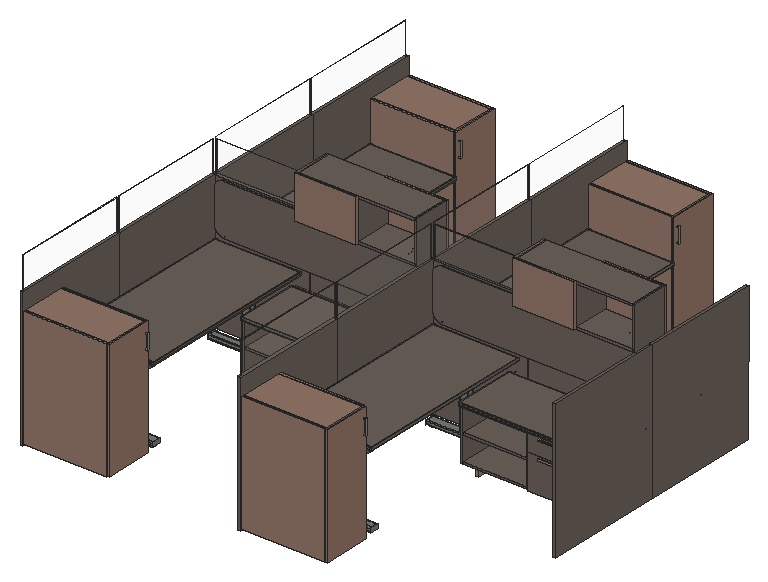
Revit family "T200208", category Furniture, Revit 2018
Family settings
  OmniClass Number = 23.40.20.00
  OmniClass Title = General Furniture and Specialties
  Work Plane-Based = No
  Always vertical = Yes
  Cut with Voids When Loaded = No
  Shared = No
  Room Calculation Point = No
Reference planes (in)
  plane 1 "Center Front/Back": y = 0
  plane 2: z = 0
  plane 3 "Center Left/Right": x = 0
Dimensions and locks (in)
  aligned and locked: level to plane 2
Nested families (in)
  nested 1: "STAKS SPINE OR DIVIDER WALL 48in" at (-88.55498, 23.83365, 0), type "STAKS SPINE OR DIVIDER WALL 48in X 33in"
    with Height Above Floor 4' - 0"
  nested 2: "STAKS SPINE OR DIVIDER WALL 48in" at (-55.55498, 23.83365, 0), type "STAKS SPINE OR DIVIDER WALL 48in X 42in"
    with Height Above Floor 4' - 0"
  nested 3: "STAKS SPINE OR DIVIDER WALL 48in" at (-79.16635, 29.05498, 0) x (0, -1, 0) z (0, 0, 1), type "STAKS SPINE OR DIVIDER WALL 48in X 42in"
    with Height Above Floor 4' - 0"
  nested 4: "STAKS SLIDE OUT STORAGE TOWER Full Door" at (-60.99965, -83.47711, 0) x (0, 1, 0) z (0, 0, 1), type "STAKS SLIDE OUT STORAGE TOWER 42H Left - 2 Stationary Shelf"
  nested 5: "STAKS RECTANGULAR WORKSURFACES Worksurface Height" at (-81.83365, -51.81304, 0) x (0, 1, 0) z (0, 0, 1), type "STAKS RECTANGULAR WORKSURFACE 66 x 30"
    with Height Above Floor 2' - 5", Width 5' - 4"
  nested 6: "STAKS SPINE OR DIVIDER WALL 48in" at (-79.16635, -70.05498, 0) x (0, 1, 0) z (0, 0, 1), type "STAKS SPINE OR DIVIDER WALL 48in X 42in"
    with Height Above Floor 4' - 0"
  nested 7: "STAKS 15H SHARED ORGANIZER One Opening Per Side" at (-54.05498, 30.08365, 0.5), type "STAKS 15H SHARED ORGANIZER 42in W"
    with Height Above Floor 5' - 2 1/2"
  nested 8: "STAKS BENCHING PRESS FIT BRACKET" at (-43.19511, 5.00062, 20.5) x (0, -1, 0) z (0, 0, 1), type "STAKS BENCHING PRESS FIT BRACKET"
  nested 9: "STAKS BENCHING PRESS FIT BRACKET" at (-10.80489, 5.00062, 20.5) x (0, -1, 0) z (0, 0, 1), type "STAKS BENCHING PRESS FIT BRACKET"
  nested 10: "STAKS CENTER ELECTRIC ADJUSTABLE HEIGHT BASE Rectangular" at (-67.79296, -23.83169, 0) x (0, 1, 0) z (0, 0, 1), type "STAKS CENTER ELECTRIC ADJUSTABLE HEIGHT BASE 30in Rectangular"
    with Height 2' - 3 7/8"
  nested 11: "STAKS CENTER ELECTRIC ADJUSTABLE HEIGHT BASE Rectangular" at (-67.79296, -0.68444, 0) x (0, -1, 0) z (0, 0, 1), type "STAKS CENTER ELECTRIC ADJUSTABLE HEIGHT BASE 30in Rectangular"
    with Height 2' - 3 7/8"
  nested 12: "STAKS CORNER SHELF FOR WALL PANEL" at (-76.40269, 16.40345, -6) x (0.7071, 0.7071, 0) z (0, 0, 1), type "STAKS CORNER SHELF FOR WALL PANEL"
    with Height Above Floor 2' - 5"
  nested 13: "STAKS CORNER SHELF FOR WALL PANEL" at (-76.40269, -40.90395, -6) x (0.7071, -0.7071, 0) z (0, 0, 1), type "STAKS CORNER SHELF FOR WALL PANEL"
    with Height Above Floor 2' - 5"
  nested 14: "STAKS FABRIC TACKBOARD WITH ROUNDED CORNERS FOR SPINE OR DIVIDER WALL" at (-88.55498, 22.83365, 0), type "STAKS FABRIC TACKBOARD WITH ROUNDED CORNERS FOR SPINE OR DIVIDER WALL 18H x 74-96W"
    with Height Above Floor 3' - 11 1/2", Width 6' - 3"
  nested 15: "STAKS FROSTED ACRYLIC PRIVACY PANEL" at (-48.06104, 18.74022, 0), type "STAKS FROSTED ACRYLIC PRIVACY PANEL 32 x 13"
  nested 16: "STAKS FROSTED ACRYLIC PRIVACY PANEL" at (-84.25035, -16.125, 0) x (0, -1, 0) z (0, 0, 1), type "STAKS FROSTED ACRYLIC PRIVACY PANEL 41 x 13"
  nested 17: "STAKS FROSTED ACRYLIC PRIVACY PANEL" at (-84.25035, -24.875, 0) x (0, 1, 0) z (0, 0, 1), type "STAKS FROSTED ACRYLIC PRIVACY PANEL 41 x 13"
  nested 18: "STAKS RECTANGULAR WORKSURFACES Short Grain" at (-61.55498, 22.33365, -6), type "STAKS RECTANGULAR WORKSURFACE 22 x 48"
    with Height Above Floor 2' - 5"
  nested 19: "STAKS I-BEAM SUPPORTS" at (-51.10211, -3.00035, 0), type "STAKS I-BEAM SUPPORT 40"
  nested 20: "STAKS LOW HEIGHT OPEN SHELF PEDESTAL - WITH RISER SUPPORT" at (-62.97182, -2.11916, 0), type "STAKS LOW HEIGHT OPEN SHELF PEDESTAL - WITH RISER SUPPORT 24 x 19"
  nested 21: "STAKS LOW HEIGHT PEDESTAL WIDE - BOX-FILE - WITH RISER SUPPORT" at (-38.97174, -2.11916, 0), type "STAKS LOW HEIGHT PEDESTAL WIDE - BOX-FILE - WITH RISER SUPPORT 24in W x 19in D"
  nested 22: "STAKS SPINE OR DIVIDER WALL 48in" at (-79.16635, 13.94502, 0) x (0, 1, 0) z (0, 0, 1), type "STAKS SPINE OR DIVIDER WALL 48in X 42in"
    with Height Above Floor 4' - 0"
  nested 23: "STAKS SLIDE OUT STORAGE TOWER Full Door" at (-60.99965, 126.47711, 0) x (0, -1, 0) z (0, 0, 1), type "STAKS SLIDE OUT STORAGE TOWER 42H Left - 2 Stationary Shelf"
  nested 24: "STAKS RECTANGULAR WORKSURFACES Worksurface Height" at (-81.83365, 94.81304, 0) x (0, -1, 0) z (0, 0, 1), type "STAKS RECTANGULAR WORKSURFACE 66 x 30"
    with Height Above Floor 2' - 5", Width 5' - 4"
  nested 25: "STAKS SPINE OR DIVIDER WALL 48in" at (-79.16635, 113.05498, 0) x (0, -1, 0) z (0, 0, 1), type "STAKS SPINE OR DIVIDER WALL 48in X 42in"
    with Height Above Floor 4' - 0"
  nested 26: "STAKS CENTER ELECTRIC ADJUSTABLE HEIGHT BASE Rectangular" at (-67.79296, 66.83169, 0) x (0, -1, 0) z (0, 0, 1), type "STAKS CENTER ELECTRIC ADJUSTABLE HEIGHT BASE 30in Rectangular"
    with Height 2' - 3 7/8"
  nested 27: "STAKS CENTER ELECTRIC ADJUSTABLE HEIGHT BASE Rectangular" at (-67.79296, 43.68444, 0) x (0, 1, 0) z (0, 0, 1), type "STAKS CENTER ELECTRIC ADJUSTABLE HEIGHT BASE 30in Rectangular"
    with Height 2' - 3 7/8"
  nested 28: "STAKS CORNER SHELF FOR WALL PANEL" at (-76.40269, 26.59655, -6) x (0.7071, -0.7071, 0) z (0, 0, 1), type "STAKS CORNER SHELF FOR WALL PANEL"
    with Height Above Floor 2' - 5"
  nested 29: "STAKS CORNER SHELF FOR WALL PANEL" at (-76.40269, 83.90395, -6) x (0.7071, 0.7071, 0) z (0, 0, 1), type "STAKS CORNER SHELF FOR WALL PANEL"
    with Height Above Floor 2' - 5"
  nested 30: "STAKS FABRIC TACKBOARD WITH ROUNDED CORNERS FOR SPINE OR DIVIDER WALL" at (-88.55498, 20.16635, 0), type "STAKS FABRIC TACKBOARD WITH ROUNDED CORNERS FOR SPINE OR DIVIDER WALL 18H x 74-96W"
    with Height Above Floor 3' - 11 1/2", Width 6' - 3"
  nested 31: "STAKS FROSTED ACRYLIC PRIVACY PANEL" at (-84.25035, 59.125, 0) x (0, 1, 0) z (0, 0, 1), type "STAKS FROSTED ACRYLIC PRIVACY PANEL 41 x 13"
  nested 32: "STAKS FROSTED ACRYLIC PRIVACY PANEL" at (-84.25035, 67.875, 0) x (0, -1, 0) z (0, 0, 1), type "STAKS FROSTED ACRYLIC PRIVACY PANEL 41 x 13"
  nested 33: "STAKS RECTANGULAR WORKSURFACES Short Grain" at (-61.55498, 20.66635, -6), type "STAKS RECTANGULAR WORKSURFACE 22 x 48"
    with Height Above Floor 2' - 5"
  nested 34: "STAKS I-BEAM SUPPORTS" at (-51.10211, 46.00035, 0), type "STAKS I-BEAM SUPPORT 40"
  nested 35: "STAKS LOW HEIGHT OPEN SHELF PEDESTAL - WITH RISER SUPPORT" at (-62.97182, 45.11916, 0), type "STAKS LOW HEIGHT OPEN SHELF PEDESTAL - WITH RISER SUPPORT 24 x 19"
  nested 36: "STAKS LOW HEIGHT PEDESTAL WIDE - BOX-FILE - WITH RISER SUPPORT" at (-38.97174, 45.11916, 0), type "STAKS LOW HEIGHT PEDESTAL WIDE - BOX-FILE - WITH RISER SUPPORT 24in W x 19in D"
  nested 37: "STAKS SPINE OR DIVIDER WALL 48in" at (-12.55498, 23.83365, 0), type "STAKS SPINE OR DIVIDER WALL 48in X 33in"
    with Height Above Floor 4' - 0"
  nested 38: "STAKS SPINE OR DIVIDER WALL 48in" at (20.44502, 23.83365, 0), type "STAKS SPINE OR DIVIDER WALL 48in X 42in"
    with Height Above Floor 4' - 0"
  nested 39: "STAKS SPINE OR DIVIDER WALL 48in" at (-3.16635, 29.05498, 0) x (0, -1, 0) z (0, 0, 1), type "STAKS SPINE OR DIVIDER WALL 48in X 42in"
    with Height Above Floor 4' - 0"
  nested 40: "STAKS SLIDE OUT STORAGE TOWER Full Door" at (15.00035, -83.47711, 0) x (0, 1, 0) z (0, 0, 1), type "STAKS SLIDE OUT STORAGE TOWER 42H Left - 2 Stationary Shelf"
  nested 41: "STAKS RECTANGULAR WORKSURFACES Worksurface Height" at (-5.83365, -51.81304, 0) x (0, 1, 0) z (0, 0, 1), type "STAKS RECTANGULAR WORKSURFACE 66 x 30"
    with Height Above Floor 2' - 5", Width 5' - 4"
  nested 42: "STAKS SPINE OR DIVIDER WALL 48in" at (-3.16635, -70.05498, 0) x (0, 1, 0) z (0, 0, 1), type "STAKS SPINE OR DIVIDER WALL 48in X 42in"
    with Height Above Floor 4' - 0"
  nested 43: "STAKS 15H SHARED ORGANIZER One Opening Per Side" at (21.94502, 30.08365, 0.5), type "STAKS 15H SHARED ORGANIZER 42in W"
    with Height Above Floor 5' - 2 1/2"
  nested 44: "STAKS BENCHING PRESS FIT BRACKET" at (32.80489, 5.00062, 20.5) x (0, -1, 0) z (0, 0, 1), type "STAKS BENCHING PRESS FIT BRACKET"
  nested 45: "STAKS BENCHING PRESS FIT BRACKET" at (65.19511, 5.00062, 20.5) x (0, -1, 0) z (0, 0, 1), type "STAKS BENCHING PRESS FIT BRACKET"
  nested 46: "STAKS CENTER ELECTRIC ADJUSTABLE HEIGHT BASE Rectangular" at (8.20704, -23.83169, 0) x (0, 1, 0) z (0, 0, 1), type "STAKS CENTER ELECTRIC ADJUSTABLE HEIGHT BASE 30in Rectangular"
    with Height 2' - 3 7/8"
  nested 47: "STAKS CENTER ELECTRIC ADJUSTABLE HEIGHT BASE Rectangular" at (8.20704, -0.68444, 0) x (0, -1, 0) z (0, 0, 1), type "STAKS CENTER ELECTRIC ADJUSTABLE HEIGHT BASE 30in Rectangular"
    with Height 2' - 3 7/8"
  nested 48: "STAKS CORNER SHELF FOR WALL PANEL" at (-0.40269, 16.40345, -6) x (0.7071, 0.7071, 0) z (0, 0, 1), type "STAKS CORNER SHELF FOR WALL PANEL"
    with Height Above Floor 2' - 5"
  nested 49: "STAKS CORNER SHELF FOR WALL PANEL" at (-0.40269, -40.90395, -6) x (0.7071, -0.7071, 0) z (0, 0, 1), type "STAKS CORNER SHELF FOR WALL PANEL"
    with Height Above Floor 2' - 5"
  nested 50: "STAKS FABRIC TACKBOARD WITH ROUNDED CORNERS FOR SPINE OR DIVIDER WALL" at (-12.55498, 22.83365, 0), type "STAKS FABRIC TACKBOARD WITH ROUNDED CORNERS FOR SPINE OR DIVIDER WALL 18H x 74-96W"
    with Height Above Floor 3' - 11 1/2", Width 6' - 3"
  nested 51: "STAKS FROSTED ACRYLIC PRIVACY PANEL" at (27.93896, 18.74022, 0), type "STAKS FROSTED ACRYLIC PRIVACY PANEL 32 x 13"
  nested 52: "STAKS FROSTED ACRYLIC PRIVACY PANEL" at (-8.25035, -16.125, 0) x (0, -1, 0) z (0, 0, 1), type "STAKS FROSTED ACRYLIC PRIVACY PANEL 41 x 13"
  nested 53: "STAKS FROSTED ACRYLIC PRIVACY PANEL" at (-8.25035, -24.875, 0) x (0, 1, 0) z (0, 0, 1), type "STAKS FROSTED ACRYLIC PRIVACY PANEL 41 x 13"
  nested 54: "STAKS RECTANGULAR WORKSURFACES Short Grain" at (14.44502, 22.33365, -6), type "STAKS RECTANGULAR WORKSURFACE 22 x 48"
    with Height Above Floor 2' - 5"
  nested 55: "STAKS I-BEAM SUPPORTS" at (24.89789, -3.00035, 0), type "STAKS I-BEAM SUPPORT 40"
  nested 56: "STAKS LOW HEIGHT OPEN SHELF PEDESTAL - WITH RISER SUPPORT" at (13.02818, -2.11916, 0), type "STAKS LOW HEIGHT OPEN SHELF PEDESTAL - WITH RISER SUPPORT 24 x 19"
  nested 57: "STAKS LOW HEIGHT PEDESTAL WIDE - BOX-FILE - WITH RISER SUPPORT" at (37.02826, -2.11916, 0), type "STAKS LOW HEIGHT PEDESTAL WIDE - BOX-FILE - WITH RISER SUPPORT 24in W x 19in D"
  nested 58: "STAKS SPINE OR DIVIDER WALL 48in" at (-3.16635, 13.94502, 0) x (0, 1, 0) z (0, 0, 1), type "STAKS SPINE OR DIVIDER WALL 48in X 42in"
    with Height Above Floor 4' - 0"
  nested 59: "STAKS SLIDE OUT STORAGE TOWER Full Door" at (15.00035, 126.47711, 0) x (0, -1, 0) z (0, 0, 1), type "STAKS SLIDE OUT STORAGE TOWER 42H Left - 2 Stationary Shelf"
  nested 60: "STAKS RECTANGULAR WORKSURFACES Worksurface Height" at (-5.83365, 94.81304, 0) x (0, -1, 0) z (0, 0, 1), type "STAKS RECTANGULAR WORKSURFACE 66 x 30"
    with Height Above Floor 2' - 5", Width 5' - 4"
  nested 61: "STAKS SPINE OR DIVIDER WALL 48in" at (-3.16635, 113.05498, 0) x (0, -1, 0) z (0, 0, 1), type "STAKS SPINE OR DIVIDER WALL 48in X 42in"
    with Height Above Floor 4' - 0"
  nested 62: "STAKS CENTER ELECTRIC ADJUSTABLE HEIGHT BASE Rectangular" at (8.20704, 66.83169, 0) x (0, -1, 0) z (0, 0, 1), type "STAKS CENTER ELECTRIC ADJUSTABLE HEIGHT BASE 30in Rectangular"
    with Height 2' - 3 7/8"
  nested 63: "STAKS CENTER ELECTRIC ADJUSTABLE HEIGHT BASE Rectangular" at (8.20704, 43.68444, 0) x (0, 1, 0) z (0, 0, 1), type "STAKS CENTER ELECTRIC ADJUSTABLE HEIGHT BASE 30in Rectangular"
    with Height 2' - 3 7/8"
  nested 64: "STAKS CORNER SHELF FOR WALL PANEL" at (-0.40269, 26.59655, -6) x (0.7071, -0.7071, 0) z (0, 0, 1), type "STAKS CORNER SHELF FOR WALL PANEL"
    with Height Above Floor 2' - 5"
  nested 65: "STAKS CORNER SHELF FOR WALL PANEL" at (-0.40269, 83.90395, -6) x (0.7071, 0.7071, 0) z (0, 0, 1), type "STAKS CORNER SHELF FOR WALL PANEL"
    with Height Above Floor 2' - 5"
  nested 66: "STAKS FABRIC TACKBOARD WITH ROUNDED CORNERS FOR SPINE OR DIVIDER WALL" at (-12.55498, 20.16635, 0), type "STAKS FABRIC TACKBOARD WITH ROUNDED CORNERS FOR SPINE OR DIVIDER WALL 18H x 74-96W"
    with Height Above Floor 3' - 11 1/2", Width 6' - 3"
  nested 67: "STAKS FROSTED ACRYLIC PRIVACY PANEL" at (-8.25035, 59.125, 0) x (0, 1, 0) z (0, 0, 1), type "STAKS FROSTED ACRYLIC PRIVACY PANEL 41 x 13"
  nested 68: "STAKS FROSTED ACRYLIC PRIVACY PANEL" at (-8.25035, 67.875, 0) x (0, -1, 0) z (0, 0, 1), type "STAKS FROSTED ACRYLIC PRIVACY PANEL 41 x 13"
  nested 69: "STAKS RECTANGULAR WORKSURFACES Short Grain" at (14.44502, 20.66635, -6), type "STAKS RECTANGULAR WORKSURFACE 22 x 48"
    with Height Above Floor 2' - 5"
  nested 70: "STAKS I-BEAM SUPPORTS" at (24.89789, 46.00035, 0), type "STAKS I-BEAM SUPPORT 40"
  nested 71: "STAKS LOW HEIGHT OPEN SHELF PEDESTAL - WITH RISER SUPPORT" at (13.02818, 45.11916, 0), type "STAKS LOW HEIGHT OPEN SHELF PEDESTAL - WITH RISER SUPPORT 24 x 19"
  nested 72: "STAKS LOW HEIGHT PEDESTAL WIDE - BOX-FILE - WITH RISER SUPPORT" at (37.02826, 45.11916, 0), type "STAKS LOW HEIGHT PEDESTAL WIDE - BOX-FILE - WITH RISER SUPPORT 24in W x 19in D"
  nested 73: "STAKS SPINE OR DIVIDER WALL 48in" at (72.83365, 29.05498, 0) x (0, -1, 0) z (0, 0, 1), type "STAKS SPINE OR DIVIDER WALL 48in X 42in"
    with Height Above Floor 4' - 0"
  nested 74: "STAKS SPINE OR DIVIDER WALL 48in" at (72.83365, 13.94502, 0) x (0, 1, 0) z (0, 0, 1), type "STAKS SPINE OR DIVIDER WALL 48in X 42in"
    with Height Above Floor 4' - 0"
Definition of nested family "STAKS SPINE OR DIVIDER WALL 48in"
  Parameters (values of type "STAKS SPINE OR DIVIDER WALL 48in X 24in")
    URL = "http://www.ofs.com/"
    Height Above Floor [instance] = 4' - 0"
    Height = 4' - 0"
    Depth = 0' - 1"
    Model = "6-PAN-48/24"
    Manufacturer = "OFS"
    Description = "OFS STAKS SPINE OR DIVIDER WALL 48\" Height x 24\" Width, Levelers allow 2.5\" Height Adjustability for Uneven Floor"
    Width = 2' - 0"
    Copyright © = "© 2018 OFS"
    Catalog = "https://ofs.com/products/casegoods/private-office/staks"
    Authoring Version = "Autodesk Revit Architecture 2013"
    Assembly Code = "E2020200"
  Types (19): name | Model | Description | Width
    STAKS SPINE OR DIVIDER WALL 48in X 24in | "6-PAN-48/24" | "OFS STAKS SPINE OR DIVIDER WALL 48\" Height x 24\" Width, Levelers allow 2.5\" Height Adjustability for Uneven Floor" | 2' - 0"
    STAKS SPINE OR DIVIDER WALL 48in X 33in | "6-PAN-48/33" | "OFS STAKS SPINE OR DIVIDER WALL 48\" Height x 33\" Width, Levelers allow 2.5\" Height Adjustability for Uneven Floor" | 2' - 9"
    STAKS SPINE OR DIVIDER WALL 48in X 26in | "6-PAN-48/26" | "OFS STAKS SPINE OR DIVIDER WALL 48\" Height x 26\" Width, Levelers allow 2.5\" Height Adjustability for Uneven Floor" | 2' - 2"
    STAKS SPINE OR DIVIDER WALL 48in X 30in | "6-PAN-48/30" | "OFS STAKS SPINE OR DIVIDER WALL 48\" Height x 30\" Width, Levelers allow 2.5\" Height Adjustability for Uneven Floor" | 2' - 6"
    STAKS SPINE OR DIVIDER WALL 48in X 36in | "6-PAN-48/36" | "OFS STAKS SPINE OR DIVIDER WALL 48\" Height x 36\" Width, Levelers allow 2.5\" Height Adjustability for Uneven Floor" | 3' - 0"
    STAKS SPINE OR DIVIDER WALL 48in X 37in | "6-PAN-48/37" | "OFS STAKS SPINE OR DIVIDER WALL 48\" Height x 37\" Width, Levelers allow 2.5\" Height Adjustability for Uneven Floor" | 3' - 1"
    STAKS SPINE OR DIVIDER WALL 48in X 39in | "6-PAN-48/39" | "OFS STAKS SPINE OR DIVIDER WALL 48\" Height x 39\" Width, Levelers allow 2.5\" Height Adjustability for Uneven Floor" | 3' - 3"
    STAKS SPINE OR DIVIDER WALL 48in X 40in | "6-PAN-48/40" | "OFS STAKS SPINE OR DIVIDER WALL 48\" Height x 40\" Width, Levelers allow 2.5\" Height Adjustability for Uneven Floor" | 3' - 4"
    STAKS SPINE OR DIVIDER WALL 48in X 42in | "6-PAN-48/42" | "OFS STAKS SPINE OR DIVIDER WALL 48\" Height x 42\" Width, Levelers allow 2.5\" Height Adjustability for Uneven Floor" | 3' - 6"
    STAKS SPINE OR DIVIDER WALL 48in X 44in | "6-PAN-48/44" | "OFS STAKS SPINE OR DIVIDER WALL 48\" Height x 44\" Width, Levelers allow 2.5\" Height Adjustability for Uneven Floor" | 3' - 8"
    STAKS SPINE OR DIVIDER WALL 48in X 45in | "6-PAN-48/45" | "OFS STAKS SPINE OR DIVIDER WALL 48\" Height x 45\" Width, Levelers allow 2.5\" Height Adjustability for Uneven Floor" | 3' - 9"
    STAKS SPINE OR DIVIDER WALL 48in X 47in | "6-PAN-48/47" | "OFS STAKS SPINE OR DIVIDER WALL 48\" Height x 47\" Width, Levelers allow 2.5\" Height Adjustability for Uneven Floor" | 3' - 11"
    STAKS SPINE OR DIVIDER WALL 48in X 48in | "6-PAN-48/48" | "OFS STAKS SPINE OR DIVIDER WALL 48\" Height x 48\" Width, Levelers allow 2.5\" Height Adjustability for Uneven Floor" | 4' - 0"
    STAKS SPINE OR DIVIDER WALL 48in X 49in | "6-PAN-48/49" | "OFS STAKS SPINE OR DIVIDER WALL 48\" Height x 49\" Width, Levelers allow 2.5\" Height Adjustability for Uneven Floor" | 4' - 1"
    STAKS SPINE OR DIVIDER WALL 48in X 52in | "6-PAN-48/52" | "OFS STAKS SPINE OR DIVIDER WALL 48\" Height x 52\" Width, Levelers allow 2.5\" Height Adjustability for Uneven Floor" | 4' - 4"
    STAKS SPINE OR DIVIDER WALL 48in X 54in | "6-PAN-48/54" | "OFS STAKS SPINE OR DIVIDER WALL 48\" Height x 54\" Width, Levelers allow 2.5\" Height Adjustability for Uneven Floor" | 4' - 6"
    STAKS SPINE OR DIVIDER WALL 48in X 56in | "6-PAN-48/56" | "OFS STAKS SPINE OR DIVIDER WALL 48\" Height x 56\" Width, Levelers allow 2.5\" Height Adjustability for Uneven Floor" | 4' - 8"
    STAKS SPINE OR DIVIDER WALL 48in X 58in | "6-PAN-48/58" | "OFS STAKS SPINE OR DIVIDER WALL 48\" Height x 58\" Width, Levelers allow 2.5\" Height Adjustability for Uneven Floor" | 4' - 10"
    STAKS SPINE OR DIVIDER WALL 48in X 59in | "6-PAN-48/59" | "OFS STAKS SPINE OR DIVIDER WALL 48\" Height x 59\" Width, Levelers allow 2.5\" Height Adjustability for Uneven Floor" | 4' - 11"
  Reference planes (in)
    plane 1: z = -0.125
    plane 2 "LEFT": x = 7.55498
    plane 3 "RIGHT": x = 31.55498
    plane 4 "BACK": y = -1.83365
    plane 5 "FRONT": y = -2.83365
    plane 6: x = 7.67998
    plane 7: x = 31.42998
    plane 8: y = -1.95865
    plane 9: y = -2.70865
    plane 10: z = -0.125
    plane 11 "SURFACE TOP": z = 47.875
  Forms (in)
    Extrusion 1, solid
      sketch origin (0, 0, 17.125) x (-1, 0, 0) y (0, -1, 0)
        loop
          line (-7.55498, 1.83365) -> (-7.55498, 2.83365) -> (-31.55498, 2.83365) -> (-31.55498, 1.83365) -> (-7.55498, 1.83365)
      from 30.75 to -17.25
  Lines and regions (in)
    symbolic lines
      curve 1: line (7.55498, -1.83365, 47.875) -> (31.55498, -1.83365, 47.875)
      curve 2: line (7.55498, -2.83365, 47.875) -> (7.55498, -1.83365, 47.875)
      curve 3: line (31.55498, -2.83365, 47.875) -> (7.55498, -2.83365, 47.875)
      curve 4: line (31.55498, -1.83365, 47.875) -> (31.55498, -2.83365, 47.875)
  Dimensions and locks (in)
    "Depth": plane 4 "BACK" to plane 5 "FRONT"
    "Width": plane 2 "LEFT" to plane 3 "RIGHT"
    "Height": plane 11 "SURFACE TOP" to plane 10
    locked: plane 4 "BACK" to plane 8 at 0.125
    locked: plane 2 "LEFT" to plane 6 at 0.125
    locked: plane 7 to plane 3 "RIGHT" at 0.125
    locked: plane 9 to plane 5 "FRONT" at 0.125
    "Height Above Floor": plane 11 "SURFACE TOP" to level
    aligned: level to plane 1
    aligned and locked: plane 11 "SURFACE TOP" to Extrusion 1
    aligned and locked: Extrusion 1 to plane 10
    aligned and locked: plane 4 "BACK" to Extrusion 1 sketch curve
    aligned and locked: Extrusion 1 sketch curve to plane 2 "LEFT"
    aligned and locked: Extrusion 1 sketch curve to plane 5 "FRONT"
    aligned and locked: plane 3 "RIGHT" to Extrusion 1 sketch curve
    aligned and locked: curve 1 to Extrusion 1
    aligned and locked: curve 2 to Extrusion 1
    aligned and locked: curve 3 to Extrusion 1
    aligned and locked: curve 4 to Extrusion 1
Definition of nested family "STAKS SLIDE OUT STORAGE TOWER Full Door"
  Parameters (values of type "STAKS SLIDE OUT STORAGE TOWER 42H Left - 2 Stationary Shelf")
    URL = "http://www.ofs.com/"
    Right = no
    Model = "6-1742SOSL3"
    Manufacturer = "OFS"
    Left = yes
    Height = 3' - 6"
    Door Material = none
    Door Handle Material = none
    Description = "OFS STAKS SLIDE OUT STORAGE TOWER 42in Height, Left Aligned, 2 Stationary Shelf"
    Width = 1' - 5"
    Depth = 2' - 6"
    Copyright © = "© 2018 OFS"
    Chasis Material = none
    Catalog = "https://ofs.com/products/casegoods/private-office/staks"
    Board Width = 0' - 0 3/4"
    Authoring Version = "Autodesk Revit Architecture 2013"
    Assembly Code = "E2020200"
  Types (12): name | Right | Model | Left | Height | Description
    STAKS SLIDE OUT STORAGE TOWER 42H Left - Three Section Felt Pocket & Section Felt Pocket & Stationary Shelf | no | "6-1742SOSL1" | yes | 3' - 6" | "OFS STAKS SLIDE OUT STORAGE TOWER 42in Height, Left Aligned, Three Section Felt Pocket& Section Felt Pocket & Stationary Shelf"
    STAKS SLIDE OUT STORAGE TOWER 42H Right - Three Section Felt Pocket & Section Felt Pocket & Stationary Shelf | yes | "6-1742SOSR1" | no | 3' - 6" | "OFS STAKS SLIDE OUT STORAGE TOWER 42in Height, Right Aligned, Three Section Felt Pocket& Section Felt Pocket & Stationary Shelf"
    STAKS SLIDE OUT STORAGE TOWER 48H Right - Three Section Felt Pocket & Section Felt Pocket & 2 Stationary Shelf | yes | "6-1748SOSR1" | no | 4' - 0" | "OFS STAKS SLIDE OUT STORAGE TOWER 48in Height, Right Aligned, Three Section Felt Pocket& Section Felt Pocket & 2 Stationary Shelf"
    STAKS SLIDE OUT STORAGE TOWER 48H Left - Three Section Felt Pocket & Section Felt Pocket & 2 Stationary Shelf | no | "6-1748SOSL1" | yes | 4' - 0" | "OFS STAKS SLIDE OUT STORAGE TOWER 48in Height, Left Aligned, Three Section Felt Pocket& Section Felt Pocket & 2 Stationary Shelf"
    STAKS SLIDE OUT STORAGE TOWER 42H Left - Box Drawer & 2 Stationary Shelf | no | "6-1742SOSL2" | yes | 3' - 6" | "OFS STAKS SLIDE OUT STORAGE TOWER 42in Height, Left Aligned, Box Drawer & 2 Stationary Shelf"
    STAKS SLIDE OUT STORAGE TOWER 42H Right - Box Drawer & 2 Stationary Shelf | yes | "6-1742SOSR2" | no | 3' - 6" | "OFS STAKS SLIDE OUT STORAGE TOWER 42in Height, Right Aligned, Box Drawer & 2 Stationary Shelf"
    STAKS SLIDE OUT STORAGE TOWER 48H Left - Box Drawer & 3 Stationary Shelf | no | "6-1748SOSL2" | yes | 4' - 0" | "OFS STAKS SLIDE OUT STORAGE TOWER 48in Height, Left Aligned, Box Drawer & 3 Stationary Shelf"
    STAKS SLIDE OUT STORAGE TOWER 48H Right - Box Drawer & 3 Stationary Shelf | yes | "6-1748SOSR2" | no | 4' - 0" | "OFS STAKS SLIDE OUT STORAGE TOWER 48in Height, Left Aligned, Box Drawer & 3 Stationary Shelf"
    STAKS SLIDE OUT STORAGE TOWER 42H Left - 2 Stationary Shelf | no | "6-1742SOSL3" | yes | 3' - 6" | "OFS STAKS SLIDE OUT STORAGE TOWER 42in Height, Left Aligned, 2 Stationary Shelf"
    STAKS SLIDE OUT STORAGE TOWER 48H Left - 3 Stationary Shelf | no | "6-1748SOSL3" | yes | 4' - 0" | "OFS STAKS SLIDE OUT STORAGE TOWER 48in Height, Left Aligned, 3 Stationary Shelf"
    STAKS SLIDE OUT STORAGE TOWER 42H Right - 2 Stationary Shelf | yes | "6-1742SOSR3" | no | 3' - 6" | "OFS STAKS SLIDE OUT STORAGE TOWER 42in Height, Right Aligned, 2 Stationary Shelf"
    STAKS SLIDE OUT STORAGE TOWER 48H Right - 3 Stationary Shelf | yes | "6-1748SOSR3" | no | 3' - 6" | "OFS STAKS SLIDE OUT STORAGE TOWER 48in Height, Right Aligned, 3 Stationary Shelf"
  Reference planes (in)
    plane 1: z = 0
    plane 2 "Right": x = 20.97711
    plane 3 "PEDESTAL TOP": z = 41.25
    plane 4: z = 1.25
    plane 5: z = 0.5
    plane 6: z = 42
    plane 7: x = 37.97711
    plane 8: y = -9.24965
    plane 9: y = -9.99965
    plane 10: x = 21.72711
    plane 11: x = 37.22711
    plane 12: y = 20.00035
    plane 13: y = 5.00035
    plane 14: x = 29.47711
    plane 15: y = 19.25035
    plane 16: z = 41.875
    plane 17: z = 0.625
    plane 18: x = 21.03961
    plane 19: x = 37.91461
    plane 20: z = 3.57087
    plane 21: z = 2.82087
    plane 22: y = -4.24965
    plane 23: z = 39.07406
    plane 24: z = 38.69906
    plane 25: z = 34.01156
    plane 26: z = 33.63656
    plane 27: y = -10.99965
    plane 28: y = -10.74965
    plane 29: x = 36.41461
    plane 30: x = 36.91461
    plane 31: x = 22.53961
    plane 32: x = 22.03961
  Forms (in)
    Extrusion 1, solid, material <- "Door Material"
      sketch origin (65.97711, 5, -13.1802) x (0, 1, 0) y (0, 0, -1)
        loop
          line (-14.99965, -55.0552) -> (-14.24965, -55.0552) -> (-14.24965, -13.8052) -> (-14.99965, -13.8052) -> (-14.99965, -55.0552)
      from 28.0625 to 44.9375
    Extrusion 2, solid, material <- "Chasis Material"
      sketch origin (44.95422, -1.24965, 0) x (-1, 0, 0) y (0, 0, -1)
        loop
          line (6.97711, -0.5) -> (6.97711, -42) -> (7.72711, -42) -> (7.72711, -0.5) -> (6.97711, -0.5)
      from -21.25 to 8
    Extrusion 3, solid, material <- "Chasis Material"
      sketch origin (31.20422, -1.24965, 0) x (-1, 0, 0) y (0, 0, -1)
        loop
          line (9.47711, -0.5) -> (9.47711, -42) -> (10.22711, -42) -> (10.22711, -0.5) -> (9.47711, -0.5)
      from -21.25 to 8
    Extrusion 4, solid, material <- "Chasis Material"
      sketch origin (22.60211, 31.02324, 0) x (0, 1, 0) y (0, 0, -1)
        loop
          line (-11.77289, -0.5) -> (-11.77289, -41.25) -> (-11.02289, -41.25) -> (-11.02289, -0.5) -> (-11.77289, -0.5)
      from -14.625 to 0.875
    Extrusion 5, solid, material <- "Chasis Material"
      sketch origin (84.51466, 23.31058, 11.25) x (1, 0, 0) y (0, 1, 0)
        loop
          line (-47.28755, -3.31023) -> (-62.78755, -3.31023) -> (-62.78755, -32.56023) -> (-47.28755, -32.56023) -> (-47.28755, -3.31023)
      from 30.75 to 30
    Extrusion 6, solid, material <- "Chasis Material"
      sketch origin (41.95422, 10.87535, -22.67913) x (-1, 0, 0) y (0, 0, -1)
        loop
          line (4.72711, -26.25) -> (20.22711, -26.25) -> (20.22711, -25.5) -> (4.72711, -25.5) -> (4.72711, -26.25)
      from -8.375 to 15.125
    Extrusion 7, solid, material <- "Door Handle Material", visible <- "Left"
      sketch origin (-12.02289, 0, 0) x (0, 1, 0) y (0, 0, 1)
        loop
          line (-10.99965, 33.63656) -> (-9.99965, 33.63656) -> (-9.99965, 34.01156) -> (-10.74965, 34.01156) -> (-10.74965, 38.69906) -> (-9.99965, 38.69906) -> (-9.99965, 39.07406) -> (-10.99965, 39.07406) -> (-10.99965, 33.63656)
      from 48.4375 to 48.9375
    Extrusion 8, solid, material <- "Door Handle Material", visible <- "Right"
      sketch origin (70.97711, 0, 0) x (0, 1, 0) y (0, 0, -1)
        loop
          line (-10.99965, -33.63656) -> (-10.99965, -39.07406) -> (-9.99965, -39.07406) -> (-9.99965, -38.69906) -> (-10.74965, -38.69906) -> (-10.74965, -34.01156) -> (-9.99965, -34.01156) -> (-9.99965, -33.63656) -> (-10.99965, -33.63656)
      from 48.4375 to 48.9375
  Dimensions and locks (in)
    "Board Width": plane 9 to plane 8
    "Width": plane 7 to plane 2 "Right"
    "Board Width": plane 7 to plane 11
    "Board Width": plane 15 to plane 12
    "Board Width": plane 2 "Right" to plane 10
    equal spacing: plane 2 "Right", plane 14, plane 7
    "Depth": plane 9 to plane 12
    "Board Width": plane 6 to plane 3 "PEDESTAL TOP"
    "Board Width": plane 4 to plane 5
    "Height": plane 6 to level
    equal spacing: plane 9, plane 13, plane 12
    locked: plane 6 to plane 16 at 0.125
    locked: plane 17 to plane 5 at 0.125
    locked: plane 18 to plane 2 "Right" at 0.0625
    locked: plane 19 to plane 7 at 0.0625
    locked: plane 5 to plane 1 at 0.5
    locked: plane 21 to plane 4 at 1.57087
    "Board Width": plane 20 to plane 21
    locked: plane 8 to plane 22 at 5
    plane 29 to plane 30 to plane 7 = 0' - 0 1/2" locked, 0' - 1 1/16" locked
    plane 6 to plane 23 to plane 24 to plane 25 to plane 26 = 0' - 2.92594" locked, 0' - 0 3/8" locked, 0' - 4 11/16" locked, 0' - 0 3/8" locked
    plane 9 to plane 28 to plane 27 = 0' - 0 3/4" locked, 0' - 0 1/4" locked
    plane 31 to plane 32 to plane 2 "Right" = 0' - 0 1/2" locked, 0' - 1 1/16" locked
    aligned and locked: level to plane 1
    aligned and locked: plane 12 to Extrusion 3
    aligned and locked: Extrusion 3 to plane 8
    aligned and locked: Extrusion 2 to plane 8
    aligned and locked: plane 12 to Extrusion 2
    aligned and locked: plane 11 to Extrusion 4
    aligned and locked: Extrusion 4 to plane 10
    aligned and locked: plane 10 to Extrusion 3
    aligned and locked: plane 2 "Right" to Extrusion 3
    aligned and locked: Extrusion 2 to plane 11
    aligned and locked: plane 7 to Extrusion 2
    aligned and locked: plane 12 to Extrusion 4
    aligned and locked: plane 8 to Extrusion 1 sketch curve
    aligned and locked: Extrusion 1 sketch curve to plane 9
    aligned and locked: plane 6 to Extrusion 5
    aligned and locked: Extrusion 5 to plane 3 "PEDESTAL TOP"
    aligned and locked: Extrusion 5 to plane 12
    aligned and locked: plane 10 to Extrusion 5
    aligned and locked: Extrusion 5 to plane 11
    aligned and locked: plane 6 to Extrusion 2
    aligned and locked: plane 6 to Extrusion 3
    aligned and locked: plane 8 to Extrusion 5
    aligned and locked: plane 15 to Extrusion 4
    aligned and locked: plane 16 to Extrusion 1
    aligned and locked: Extrusion 1 to plane 17
    aligned and locked: Extrusion 1 to plane 19
    aligned and locked: Extrusion 1 to plane 18
    aligned and locked: plane 10 to Extrusion 6
    aligned and locked: Extrusion 6 to plane 11
    aligned and locked: plane 20 to Extrusion 6
    aligned and locked: Extrusion 6 to plane 21
    aligned and locked: Extrusion 6 to plane 15
    aligned and locked: plane 22 to Extrusion 6
    aligned and locked: plane 27 to Extrusion 7 sketch curve
    aligned and locked: plane 23 to Extrusion 7 sketch curve
    aligned and locked: plane 26 to Extrusion 7 sketch curve
    aligned and locked: Extrusion 7 sketch curve to plane 9
    aligned and locked: plane 25 to Extrusion 7 sketch curve
    aligned and locked: plane 28 to Extrusion 7 sketch curve
    aligned and locked: plane 24 to Extrusion 7 sketch curve
    aligned and locked: Extrusion 7 to plane 30
    aligned and locked: plane 29 to Extrusion 7
    aligned and locked: plane 32 to Extrusion 8  (x2)
    aligned and locked: Extrusion 8 to plane 31  (x2)
    aligned and locked: plane 28 to Extrusion 8
    aligned and locked: Extrusion 8 to plane 27
    aligned and locked: plane 23 to Extrusion 8
    aligned and locked: Extrusion 8 to plane 24
    aligned and locked: plane 25 to Extrusion 8
    aligned and locked: Extrusion 8 to plane 26
    aligned and locked: Extrusion 8 to plane 9  (x2)
  Automatic sketch dimensions
    Extrusion 7 sketch curve to plane 9 = 0' - 0"
    Extrusion 8 sketch curve to plane 23 = 0' - 0"
    Extrusion 8 sketch curve to plane 27 = 0' - 0"
    Extrusion 8 sketch curve to plane 25 = 0' - 0"
    Extrusion 8 sketch curve to plane 28 = 0' - 0"
    Extrusion 8 sketch curve to plane 9 = 0' - 0"  (x2)
    Extrusion 8 sketch curve to plane 24 = 0' - 0"
    Extrusion 8 sketch curve to plane 26 = 0' - 0"
    Extrusion 1 sketch curve to plane 17 = 0' - 0"
    Extrusion 1 sketch curve to plane 16 = 0' - 0"
    Extrusion 2 sketch curve to plane 5 = 0' - 0"
    plane 7 to Extrusion 2 sketch curve = 0' - 0"
    Extrusion 2 sketch curve to plane 6 = 0' - 0"
    plane 11 to Extrusion 2 sketch curve = 0' - 0"
    Extrusion 3 sketch curve to plane 5 = 0' - 0"
    plane 10 to Extrusion 3 sketch curve = 0' - 0"
    Extrusion 3 sketch curve to plane 2 "Right" = 0' - 0"
    Extrusion 3 sketch curve to plane 6 = 0' - 0"
    Extrusion 4 sketch curve to plane 5 = 0' - 0"
    Extrusion 4 sketch curve to plane 15 = 0' - 0"
    Extrusion 4 sketch curve to plane 3 "PEDESTAL TOP" = 0' - 0"
    Extrusion 4 sketch curve to plane 12 = 0' - 0"
    Extrusion 5 sketch curve to plane 10 = 0' - 0"
    plane 8 to Extrusion 5 sketch curve = 0' - 0"
    Extrusion 5 sketch curve to plane 11 = 0' - 0"
    plane 12 to Extrusion 5 sketch curve = 0' - 0"
    plane 11 to Extrusion 6 sketch curve = 0' - 0"
    plane 10 to Extrusion 6 sketch curve = 0' - 0"
    Extrusion 6 sketch curve to plane 20 = 0' - 0"
    Extrusion 6 sketch curve to plane 21 = 0' - 0"
Definition of nested family "STAKS RECTANGULAR WORKSURFACES Worksurface Height"
  Parameters (values of type "STAKS RECTANGULAR WORKSURFACE 54 x 30")
    URL = "http://www.ofs.com/"
    Height Above Floor [instance] = 2' - 5"
    Height = 0' - 1 1/8"
    Depth = 2' - 6"
    Model = "6-MCT-54/30"
    Manufacturer = "OFS"
    Description = "OFS STAKS 54\" X 30\" RECTANGULAR WORKSURFACE For Worksurface or Low Height Applications, Short Grain"
    Width = 4' - 6"
    Copyright © = "© 2018 OFS"
    Catalog = "https://ofs.com/products/casegoods/private-office/staks"
    Authoring Version = "Autodesk Revit Architecture 2013"
    Assembly Code = "E2020200"
  Types (12): name | Depth | Model | Description | Width
    STAKS RECTANGULAR WORKSURFACE 60 x 30 | 2' - 6" | "6-MCT-60/30" | "OFS STAKS 60\" X 30\" RECTANGULAR WORKSURFACE For Worksurface or Low Height Applications, Short Grain" | 5' - 0"
    STAKS RECTANGULAR WORKSURFACE 66 x 30 | 2' - 6" | "6-MCT-66/30" | "OFS STAKS 66\" X 30\" RECTANGULAR WORKSURFACE For Worksurface or Low Height Applications, Short Grain" | 5' - 6"
    STAKS RECTANGULAR WORKSURFACE 72 x 30 | 2' - 6" | "6-MCT-72/30" | "OFS STAKS 72\" X 30\" RECTANGULAR WORKSURFACE For Worksurface or Low Height Applications, Short Grain" | 6' - 0"
    STAKS RECTANGULAR WORKSURFACE 78 x 30 | 2' - 6" | "6-MCT-78/30" | "OFS STAKS 78\" X 30\" RECTANGULAR WORKSURFACE For Worksurface or Low Height Applications, Short Grain" | 6' - 6"
    STAKS RECTANGULAR WORKSURFACE 84 x 30 | 2' - 6" | "6-MCT-84/30" | "OFS STAKS 84\" X 30\" RECTANGULAR WORKSURFACE For Worksurface or Low Height Applications, Short Grain" | 7' - 0"
    STAKS RECTANGULAR WORKSURFACE 96 x 30 | 2' - 6" | "6-MCT-96/30" | "OFS STAKS 96\" X 30\" RECTANGULAR WORKSURFACE For Worksurface or Low Height Applications, Short Grain" | 8' - 0"
    STAKS RECTANGULAR WORKSURFACE 54 x 30 | 2' - 6" | "6-MCT-54/30" | "OFS STAKS 54\" X 30\" RECTANGULAR WORKSURFACE For Worksurface or Low Height Applications, Short Grain" | 4' - 6"
    STAKS RECTANGULAR WORKSURFACE 60 x 36 | 3' - 0" | "6-MCT-60/36" | "OFS STAKS 60\" X 36\" RECTANGULAR WORKSURFACE For Worksurface or Low Height Applications, Short Grain" | 5' - 0"
    STAKS RECTANGULAR WORKSURFACE 66 x 36 | 3' - 0" | "6-MCT-66/36" | "OFS STAKS 66\" X 36\" RECTANGULAR WORKSURFACE For Worksurface or Low Height Applications, Short Grain" | 5' - 6"
    STAKS RECTANGULAR WORKSURFACE 72 x 36 | 3' - 0" | "6-MCT-72/36" | "OFS STAKS 72\" X 36\" RECTANGULAR WORKSURFACE For Worksurface or Low Height Applications, Short Grain" | 6' - 0"
    STAKS RECTANGULAR WORKSURFACE 78 x 36 | 3' - 0" | "6-MCT-78/36" | "OFS STAKS 78\" X 36\" RECTANGULAR WORKSURFACE For Worksurface or Low Height Applications, Short Grain" | 6' - 6"
    STAKS RECTANGULAR WORKSURFACE 84 x 36 | 3' - 0" | "6-MCT-84/36" | "OFS STAKS 84\" X 36\" RECTANGULAR WORKSURFACE For Worksurface or Low Height Applications, Short Grain" | 7' - 0"
  Reference planes (in)
    plane 1: z = -0.125
    plane 2 "LEFT": x = 7.55498
    plane 3 "RIGHT": x = 61.55498
    plane 4 "BACK": y = -1.83365
    plane 5 "FRONT": y = -31.83365
    plane 6: x = 7.67998
    plane 7: x = 61.42998
    plane 8: y = -1.95865
    plane 9: y = -31.70865
    plane 10: z = 27.75
    plane 11 "SURFACE TOP": z = 28.875
  Forms (in)
    Extrusion 1, solid
      sketch origin (0, 0, 17.125) x (-1, 0, 0) y (0, -1, 0)
        loop
          line (-7.67998, 1.95865) -> (-7.67998, 31.70865) -> (-61.42998, 31.70865) -> (-61.42998, 1.95865) -> (-7.67998, 1.95865)
      from 11.75 to 10.625
    Sweep 2, solid
      path origin (0, 0, 28.875) x (0, 1, 0) y (-1, 0, 0)
        loop
          line (-31.83365, -7.55498) -> (-31.83365, -61.55498) -> (-1.83365, -61.55498) -> (-1.83365, -7.55498) -> (-31.83365, -7.55498)
      profile origin (34.55498, -31.83365, 28.875) x (0, 1, 0) y (0, 0, 1)
        loop
          arc (0.125, 0) -> (0.03661, -0.03661) -> (0, -0.125) r 0.125
          line (0, -0.125) -> (0, -1)
          arc (0, -1) -> (0.03661, -1.08839) -> (0.125, -1.125) r 0.125
          line (0.125, -1.125) -> (0.125, 0)
  Lines and regions (in)
    Masking region 1
      outline origin (0, 0, 16.625) x (-1, 0, 0) y (0, -1, 0)
        loop
          line (-7.67998, 1.95865) -> (-7.55498, 1.83365) -> (-7.55498, 31.83365) -> (-7.67998, 31.70865) -> (-7.67998, 1.95865)
    Masking region 2
      outline origin (0, 0, 16.625) x (-1, 0, 0) y (0, -1, 0)
        loop
          line (-7.55498, 1.83365) -> (-7.67998, 1.95865) -> (-61.42998, 1.95865) -> (-61.55498, 1.83365) -> (-7.55498, 1.83365)
    Masking region 3
      outline origin (0, 0, 16.625) x (-1, 0, 0) y (0, -1, 0)
        loop
          line (-61.55498, 1.83365) -> (-61.42998, 1.95865) -> (-61.42998, 31.70865) -> (-61.55498, 31.83365) -> (-61.55498, 1.83365)
    Masking region 4
      outline origin (0, 0, 16.625) x (-1, 0, 0) y (0, -1, 0)
        loop
          line (-61.55498, 31.83365) -> (-61.42998, 31.70865) -> (-7.67998, 31.70865) -> (-7.55498, 31.83365) -> (-61.55498, 31.83365)
    Masking region 5
      outline origin (0, 0, 16.625) x (-1, 0, 0) y (0, -1, 0)
        loop
          line (-61.42998, 31.70865) -> (-61.42998, 1.95865) -> (-7.67998, 1.95865) -> (-7.67998, 31.70865) -> (-61.42998, 31.70865)
  Dimensions and locks (in)
    "Depth": plane 4 "BACK" to plane 5 "FRONT"
    "Width": plane 2 "LEFT" to plane 3 "RIGHT"
    "Height": plane 11 "SURFACE TOP" to plane 10
    locked: plane 4 "BACK" to plane 8 at 0.125
    locked: plane 2 "LEFT" to plane 6 at 0.125
    locked: plane 7 to plane 3 "RIGHT" at 0.125
    locked: plane 9 to plane 5 "FRONT" at 0.125
    "Height Above Floor": plane 11 "SURFACE TOP" to level
    aligned: level to plane 1
    aligned and locked: plane 8 to Extrusion 1 sketch curve
    aligned and locked: Extrusion 1 sketch curve to plane 6
    aligned and locked: Extrusion 1 sketch curve to plane 9
    aligned and locked: plane 7 to Extrusion 1 sketch curve
    aligned and locked: plane 11 "SURFACE TOP" to Extrusion 1
    aligned and locked: Extrusion 1 to plane 10
    aligned and locked: Sweep 2 sketch curve to plane 5 "FRONT"
    aligned and locked: Sweep 2 sketch curve to plane 2 "LEFT"
    aligned and locked: plane 4 "BACK" to Sweep 2 sketch curve
    aligned and locked: plane 3 "RIGHT" to Sweep 2 sketch curve
  Automatic sketch dimensions
    Masking region 1 sketch curve to plane 6 = 0' - 0"
    Masking region 1 sketch curve to plane 2 "LEFT" = 0' - 0"
    Masking region 1 sketch curve to plane 4 "BACK" = 0' - 0"
    Masking region 1 sketch curve to plane 8 = 0' - 0"
    Masking region 1 sketch curve to plane 9 = 0' - 0"
    Masking region 1 sketch curve to plane 5 "FRONT" = 0' - 0"
    Masking region 2 sketch curve to plane 3 "RIGHT" = 0' - 0"
    Masking region 2 sketch curve to plane 7 = 0' - 0"
    Masking region 2 sketch curve to plane 6 = 0' - 0"
    Masking region 2 sketch curve to plane 2 "LEFT" = 0' - 0"
    Masking region 2 sketch curve to plane 4 "BACK" = 0' - 0"
    Masking region 2 sketch curve to plane 8 = 0' - 0"
    Masking region 3 sketch curve to plane 3 "RIGHT" = 0' - 0"
    Masking region 3 sketch curve to plane 7 = 0' - 0"
    Masking region 3 sketch curve to plane 4 "BACK" = 0' - 0"
    Masking region 3 sketch curve to plane 8 = 0' - 0"
    Masking region 3 sketch curve to plane 9 = 0' - 0"
    Masking region 3 sketch curve to plane 5 "FRONT" = 0' - 0"
    Masking region 4 sketch curve to plane 3 "RIGHT" = 0' - 0"
    Masking region 4 sketch curve to plane 7 = 0' - 0"
    Masking region 4 sketch curve to plane 6 = 0' - 0"
    Masking region 4 sketch curve to plane 2 "LEFT" = 0' - 0"
    Masking region 4 sketch curve to plane 9 = 0' - 0"
    Masking region 4 sketch curve to plane 5 "FRONT" = 0' - 0"
    Masking region 5 sketch curve to plane 7 = 0' - 0"
    Masking region 5 sketch curve to plane 6 = 0' - 0"
    Masking region 5 sketch curve to plane 8 = 0' - 0"
    Masking region 5 sketch curve to plane 9 = 0' - 0"
    Sweep 2 sketch curve to profile plane = 0' - 0"
    Sweep 2 sketch curve to plane 11 "SURFACE TOP" = 0' - 0"
    Sweep 2 sketch curve to profile plane = 0' - 0 1/8"
    Sweep 2 sketch curve to Sweep 2 sketch curve = 0' - 0 7/8"
Definition of nested family "STAKS 15H SHARED ORGANIZER One Opening Per Side"
  Parameters (values of type "STAKS 15H SHARED ORGANIZER 30in W")
    URL = "http://www.ofs.com/"
    Height Above Floor [instance] = 5' - 2 1/2"
    Height = 1' - 3"
    Doors Material = none
    Depth = 1' - 2 1/2"
    Model = "6-3015SORG2A"
    Manufacturer = "OFS"
    Description = "OFS STAKS 15H SHARED ORGANIZER 30\" Width, One Opening per Side"
    Width = 2' - 6"
    Copyright © = "© 2018 OFS"
    Catalog = "https://ofs.com/products/casegoods/private-office/staks"
    Board Material = none
    Board Thickness = 0' - 0 3/4"
    Authoring Version = "Autodesk Revit Architecture 2013"
    Assembly Code = "E2020200"
  Types (3): name | Model | Description | Width
    STAKS 15H SHARED ORGANIZER 36in W | "6-3615SORG2A" | "OFS STAKS 15H SHARED ORGANIZER 36\" Width, One Opening per Side" | 3' - 0"
    STAKS 15H SHARED ORGANIZER 42in W | "6-4215SORG2A" | "OFS STAKS 15H SHARED ORGANIZER 42\" Width, One Opening per Side" | 3' - 6"
    STAKS 15H SHARED ORGANIZER 30in W | "6-3015SORG2A" | "OFS STAKS 15H SHARED ORGANIZER 30\" Width, One Opening per Side" | 2' - 6"
  Reference planes (in)
    plane 1: z = -0.125
    plane 2 "LEFT": x = 12.05498
    plane 3 "RIGHT": x = 42.05498
    plane 4 "BACK": y = -1.83365
    plane 5 "FRONT": y = -14.83365
    plane 6: x = 12.80498
    plane 7: x = 41.30498
    plane 8: z = 47.375
    plane 9 "SURFACE TOP": z = 62.375
    plane 10: z = 48.125
    plane 11: x = 27.05498
    plane 12: z = 61.625
    plane 13: y = -8.33365
    plane 14: y = -7.95865
    plane 15: y = -8.70865
    plane 16: x = 27.42998
    plane 17: x = 26.67998
    plane 18: y = -1.08365
    plane 19: y = -15.58365
  Forms (in)
    Extrusion 1, solid, material <- "Board Material"
      sketch origin (0, 0, 62.375) x (0, 1, 0) y (-1, 0, 0)
        loop
          line (-1.83365, -12.80498) -> (-14.83365, -12.80498) -> (-14.83365, -41.30498) -> (-1.83365, -41.30498) -> (-1.83365, -12.80498)
      from -14.25 to -15
    Extrusion 2, solid, material <- "Board Material"
      sketch origin (0, 0, 62.375) x (0, 1, 0) y (-1, 0, 0)
        loop
          line (-1.83365, -12.80498) -> (-1.83365, -12.05498) -> (-14.83365, -12.05498) -> (-14.83365, -12.80498) -> (-1.83365, -12.80498)
        loop
          line (-1.83365, -42.05498) -> (-1.83365, -41.30498) -> (-14.83365, -41.30498) -> (-14.83365, -42.05498) -> (-1.83365, -42.05498)
      from 0 to -15
    Extrusion 3, solid, material <- "Board Material"
      sketch origin (0, 0, 27.375) x (0, 1, 0) y (-1, 0, 0)
        loop
          line (-1.83365, -12.80498) -> (-14.83365, -12.80498) -> (-14.83365, -41.30498) -> (-1.83365, -41.30498) -> (-1.83365, -12.80498)
      from 35 to 34.25
    Extrusion 4, solid, material <- "Board Material"
      sketch origin (0, 0, 62.375) x (0, 1, 0) y (-1, 0, 0)
        loop
          line (-1.83365, -26.67998) -> (-14.83365, -26.67998) -> (-14.83365, -27.42998) -> (-1.83365, -27.42998) -> (-1.83365, -26.67998)
      from -0.75 to -14.25
    Extrusion 5, solid, material <- "Doors Material"
      sketch origin (-1.5309, -10.89295, 62.375) x (0, 1, 0) y (-1, 0, 0)
        loop
          line (-3.9407, -13.58589) -> (-4.6907, -13.58589) -> (-4.6907, -28.96089) -> (-3.9407, -28.96089) -> (-3.9407, -13.58589)
      from 0 to -15
    Extrusion 6, solid, material <- "Doors Material"
      sketch origin (30.99601, 21.63396, 62.375) x (0, 1, 0) y (-1, 0, 0)
        loop
          line (-22.71762, 4.31603) -> (-23.46762, 4.31603) -> (-23.46762, -11.05897) -> (-22.71762, -11.05897) -> (-22.71762, 4.31603)
      from 0 to -15
  Dimensions and locks (in)
    "Width": plane 2 "LEFT" to plane 3 "RIGHT"
    "Height": plane 9 "SURFACE TOP" to plane 8
    "Board Thickness": plane 2 "LEFT" to plane 6
    "Board Thickness": plane 7 to plane 3 "RIGHT"
    "Height Above Floor": plane 9 "SURFACE TOP" to level
    "Board Thickness": plane 10 to plane 8
    equal spacing: plane 2 "LEFT", plane 11, plane 3 "RIGHT"
    "Board Thickness": plane 9 "SURFACE TOP" to plane 12
    equal spacing: plane 4 "BACK", plane 13, plane 5 "FRONT"
    equal spacing: plane 14, plane 13, plane 15
    "Board Thickness": plane 14 to plane 15
    equal spacing: plane 17, plane 11, plane 16
    "Board Thickness": plane 17 to plane 16
    "Depth": plane 18 to plane 19
    "Board Thickness": plane 18 to plane 4 "BACK"
    "Board Thickness": plane 5 "FRONT" to plane 19
    aligned: level to plane 1
    aligned and locked: Extrusion 1 sketch curve to plane 4 "BACK"
    aligned and locked: plane 6 to Extrusion 1 sketch curve
    aligned and locked: plane 5 "FRONT" to Extrusion 1 sketch curve
    aligned and locked: Extrusion 1 sketch curve to plane 7
    aligned and locked: Extrusion 1 to plane 8
    aligned and locked: plane 10 to Extrusion 1
    aligned and locked: Extrusion 1 to Extrusion 2 sketch curve  (x2)
    aligned and locked: Extrusion 2 sketch curve to Extrusion 1  (x2)
    aligned and locked: Extrusion 2 sketch curve to plane 5 "FRONT"
    aligned and locked: Extrusion 2 sketch curve to plane 2 "LEFT"
    aligned and locked: plane 4 "BACK" to Extrusion 2 sketch curve
    aligned and locked: plane 3 "RIGHT" to Extrusion 2 sketch curve
    aligned and locked: Extrusion 2 to plane 8
    aligned and locked: plane 9 "SURFACE TOP" to Extrusion 2
    aligned and locked: plane 9 "SURFACE TOP" to Extrusion 3
    aligned and locked: Extrusion 3 to plane 12
    aligned and locked: plane 4 "BACK" to Extrusion 3
    aligned and locked: Extrusion 3 to plane 5 "FRONT"
    aligned and locked: Extrusion 3 to plane 6
    aligned and locked: plane 7 to Extrusion 3
    aligned and locked: Extrusion 4 sketch curve to plane 17
    aligned and locked: plane 5 "FRONT" to Extrusion 4 sketch curve
    aligned and locked: Extrusion 4 sketch curve to plane 16
    aligned and locked: Extrusion 5 to plane 2 "LEFT"
    aligned and locked: plane 16 to Extrusion 5
    aligned and locked: plane 17 to Extrusion 6
    aligned and locked: plane 3 "RIGHT" to Extrusion 6
    aligned and locked: Extrusion 6 to plane 4 "BACK"
    aligned and locked: plane 18 to Extrusion 6
    aligned and locked: plane 5 "FRONT" to Extrusion 5
    aligned and locked: Extrusion 5 to plane 19
    aligned and locked: Extrusion 5 to plane 8
    aligned and locked: plane 9 "SURFACE TOP" to Extrusion 5
    aligned and locked: plane 9 "SURFACE TOP" to Extrusion 6
    aligned and locked: Extrusion 6 to plane 8
    aligned and locked: Extrusion 4 to plane 4 "BACK"
  Automatic sketch dimensions
    Extrusion 3 sketch curve to plane 5 "FRONT" = 0' - 0"
    Extrusion 3 sketch curve to plane 4 "BACK" = 0' - 0"
    Extrusion 3 sketch curve to plane 7 = 0' - 0"
    Extrusion 3 sketch curve to plane 6 = 0' - 0"
    Extrusion 5 sketch curve to plane 2 "LEFT" = 0' - 0"
    Extrusion 5 sketch curve to plane 19 = 0' - 0"
    Extrusion 5 sketch curve to plane 7 = 1' - 1 7/8"
    Extrusion 5 sketch curve to Extrusion 5 sketch curve = 0' - 0 3/4"
    Extrusion 6 sketch curve to plane 18 = 0' - 0 3/4"
    plane 18 to Extrusion 6 sketch curve = 0' - 0"
    plane 3 "RIGHT" to Extrusion 6 sketch curve = 0' - 0"
    Extrusion 6 sketch curve to plane 7 = 1' - 2 5/8"
    plane 15 to Extrusion 4 sketch curve = 0' - 6 7/8"
Definition of nested family "STAKS BENCHING PRESS FIT BRACKET"
  Parameters (values of type "STAKS BENCHING PRESS FIT BRACKET")
    Width = 0' - 7 1/8"
    URL = "http://www.ofs.com/"
    Model = "PFBKT-1"
    Manufacturer = "OFS"
    Height From Floor = 2' - 3 7/8"
    Height = 0' - 3"
    Gap = 0' - 1"
    Description = "OFS STAKS BENCHING PRESS FIT BRACKET, Supports Shared Organizers, Shared Shelves or Transaction Tops on Spine or Divider Wall Panels Without Defacing the Panel Faces"
    Depth = 0' - 2"
    Copyright © = "© 2018 OFS"
    Catalog = "https://ofs.com/products/open-plan/benching/staks"
    Bracket Material = none
    Authoring Version = "Autodesk Revit Architecture 2013"
    Assembly Code = "E2020200"
  Reference planes (in)
    plane 1: z = 0
    plane 2 "Center (Front/Back)": y = 1.87535
    plane 3 "LEFT": x = -20.0625
    plane 4 "BASE TOP": z = 27.875
    plane 5 "RIGHT": x = -12.9375
    plane 6: z = 24.875
    plane 7: y = 2.87535
    plane 8 "CENTER": x = -16.5
    plane 9: y = 0.87535
    plane 10: y = 1.25035
    plane 11: x = -16
    plane 12: x = -17
  Forms (in)
    Extrusion 1, solid, material <- "Bracket Material"
      sketch origin (0, 1.87535, 0) x (1, 0, 0) y (0, 0, 1)
        loop
          line (-17, 24.875) -> (-17, 27.375) -> (-16.82031, 27.375)
          arc (-16.82031, 27.375) -> (-16.59934, 27.46653) -> (-16.50781, 27.6875) r 0.3125
          line (-16.50781, 27.6875) -> (-16.50781, 27.875) -> (-20.0625, 27.875) -> (-20.0625, 27.375) -> (-17.75, 27.375)
          arc (-17.75, 27.375) -> (-17.39645, 27.22855) -> (-17.25, 26.875) r 0.5
          line (-17.25, 26.875) -> (-17.25, 24.875) -> (-17, 24.875)
        loop
          line (-12.9375, 27.875) -> (-16.49219, 27.875) -> (-16.49219, 27.6875)
          arc (-16.49219, 27.6875) -> (-16.40066, 27.46653) -> (-16.17969, 27.375) r 0.3125
          line (-16.17969, 27.375) -> (-16, 27.375) -> (-16, 24.875) -> (-15.75, 24.875) -> (-15.75, 26.875)
          arc (-15.75, 26.875) -> (-15.60355, 27.22855) -> (-15.25, 27.375) r 0.5
          line (-15.25, 27.375) -> (-12.9375, 27.375) -> (-12.9375, 27.875)
      from -1 to 1
    Extrusion 2, void
      sketch origin (0, 0, 0) x (1, 0, 0) y (0, 1, 0)
        loop
          line (-17, 0.87535) -> (-16, 0.87535) -> (-16, 1.37535) -> (-17, 1.37535) -> (-17, 0.87535)
        loop
          line (-17, 2.87535) -> (-17, 2.37535) -> (-16, 2.37535) -> (-16, 2.87535) -> (-17, 2.87535)
        loop
          circle (-19.48811, 1.37535) r 0.09375
        loop
          circle (-17.85526, 1.37535) r 0.09375
        loop
          circle (-13.51189, 1.37535) r 0.09375
        loop
          circle (-15.14474, 1.37535) r 0.09375
        loop
          circle (-19.48811, 2.37535) r 0.09375
        loop
          circle (-17.85526, 2.37535) r 0.09375
        loop
          circle (-13.51189, 2.37535) r 0.09375
        loop
          circle (-15.14474, 2.37535) r 0.09375
      from 24.875 to 27.875
    Extrusion 3, solid, material <- "Bracket Material"
      sketch origin (-16.5, 0, 0) x (0, 1, 0) y (0, 0, 1)
        loop
          circle (2.60972, 27.625) r 0.1875
        loop
          line (2.60972, 27.72544) -> (2.52274, 27.67522) -> (2.52274, 27.57478) -> (2.60972, 27.52456) -> (2.69671, 27.57478) -> (2.69671, 27.67522) -> (2.60972, 27.72544)
        loop
          circle (1.14097, 27.625) r 0.1875
        loop
          line (1.14097, 27.72544) -> (1.05399, 27.67522) -> (1.05399, 27.57478) -> (1.14097, 27.52456) -> (1.22796, 27.57478) -> (1.22796, 27.67522) -> (1.14097, 27.72544)
      from 3.5625 to 3.68034
    Extrusion 4, solid, material <- "Bracket Material"
      sketch origin (-16.5, 0, 0) x (0, 1, 0) y (0, 0, -1)
        loop
          circle (2.60972, -27.625) r 0.1875
        loop
          line (2.60972, -27.72544) -> (2.69671, -27.67522) -> (2.69671, -27.57478) -> (2.60972, -27.52456) -> (2.52274, -27.57478) -> (2.52274, -27.67522) -> (2.60972, -27.72544)
        loop
          circle (1.14097, -27.625) r 0.1875
        loop
          line (1.14097, -27.72544) -> (1.22796, -27.67522) -> (1.22796, -27.57478) -> (1.14097, -27.52456) -> (1.05399, -27.57478) -> (1.05399, -27.67522) -> (1.14097, -27.72544)
      from 3.5625 to 3.68034
    Extrusion 5, solid, material <- "Bracket Material"
      sketch origin (-16.5, 3.61007, 0) x (0, -1, 0) y (0, 0, -1)
        loop
          circle (2.4691, -27.625) r 0.09375
      from -0.5 to 0.5
    Extrusion 6, solid, material <- "Bracket Material"
      sketch origin (-16.5, 0.14063, 0) x (0, 1, 0) y (0, 0, 1)
        loop
          circle (2.4691, 27.625) r 0.09375
      from -0.5 to 0.5
    Extrusion 7, solid
      sketch origin (-16.5, 0, 0) x (0, 1, 0) y (0, 0, 1)
        loop
          line (2.37535, 26.875) -> (1.37535, 26.875) -> (1.37535, 25.375) -> (2.37535, 25.375) -> (2.37535, 26.875)
      from 0.40321 to 0.5
    Extrusion 8, solid
      sketch origin (-16.5, 0, 0) x (0, 1, 0) y (0, 0, -1)
        loop
          line (2.37535, -26.875) -> (2.37535, -25.375) -> (1.37535, -25.375) -> (1.37535, -26.875) -> (2.37535, -26.875)
      from 0.40321 to 0.5
  Cuts and joins
    Extrusion 2 cuts Extrusion 1
  Dimensions and locks (in)
    "Height From Floor": plane 4 "BASE TOP" to plane 1
    "Height": plane 4 "BASE TOP" to plane 6
    equal spacing: plane 3 "LEFT", plane 8 "CENTER", plane 5 "RIGHT"
    equal spacing: plane 9, plane 2 "Center (Front/Back)", plane 7
    "Width": plane 3 "LEFT" to plane 5 "RIGHT"
    "Depth": plane 9 to plane 7
    equal spacing: plane 11, plane 8 "CENTER", plane 12
    "Gap": plane 12 to plane 11
    aligned and locked: level to plane 1
    aligned and locked: plane 9 to Extrusion 1
    aligned and locked: Extrusion 1 to plane 7
    aligned and locked: Extrusion 2 to plane 4 "BASE TOP"
    aligned and locked: plane 6 to Extrusion 2
    aligned and locked: plane 11 to Extrusion 5
    aligned and locked: plane 12 to Extrusion 5
    aligned and locked: plane 11 to Extrusion 7
  Automatic sketch dimensions
    Extrusion 1 sketch curve to plane 3 "LEFT" = 0' - 0"
    Extrusion 1 sketch curve to plane 6 = 0' - 0"  (x2)
    plane 12 to Extrusion 1 sketch curve = 0' - 0"
    Extrusion 1 sketch curve to plane 4 "BASE TOP" = 0' - 0"  (x2)
    Extrusion 1 sketch curve to plane 11 = 0' - 0"
    Extrusion 1 sketch curve to plane 5 "RIGHT" = 0' - 0"
    plane 12 to Extrusion 1 sketch curve = 0' - 0 1/4"
    plane 4 "BASE TOP" to Extrusion 1 sketch curve = 0' - 1"
    plane 4 "BASE TOP" to Extrusion 1 sketch curve = 0' - 0 1/2"  (x3)
    Extrusion 1 sketch curve to plane 12 = 0' - 0 23/128"
    Extrusion 1 sketch curve to plane 8 "CENTER" = 0' - 0 1/128"
    plane 8 "CENTER" to Extrusion 1 sketch curve = 0' - 0 1/128"
    Extrusion 1 sketch curve to Extrusion 1 sketch curve = 0' - 0 23/128"
    plane 11 to Extrusion 1 sketch curve = 0' - 0 1/4"
    Extrusion 1 sketch curve to Extrusion 1 sketch curve = 0' - 0 1/2"
    Extrusion 1 sketch curve to Extrusion 1 sketch curve = 0' - 0 5/16"
    plane 9 to Extrusion 2 sketch curve = 0' - 0"
    Extrusion 2 sketch curve to plane 12 = 0' - 0"  (x2)
    plane 7 to Extrusion 2 sketch curve = 0' - 0"
    Extrusion 2 sketch curve to plane 11 = 0' - 0"  (x2)
    Extrusion 2 sketch curve to plane 10 = 0' - 0 1/8"  (x5)
    plane 3 "LEFT" to Extrusion 2 sketch curve = 0' - 0.57439"  (x2)
    Extrusion 2 sketch curve to Extrusion 2 sketch curve = 0' - 0.85526"  (x4)
    Extrusion 2 sketch curve to plane 5 "RIGHT" = 0' - 0.57439"  (x2)
    Extrusion 2 sketch curve to plane 2 "Center (Front/Back)" = 0' - 0 1/2"  (x5)
    Extrusion 3 sketch curve to plane 9 = 0' - 0.17864"
    plane 4 "BASE TOP" to Extrusion 3 sketch curve = 0' - 0.35044"  (x2)
    Extrusion 3 sketch curve to Extrusion 3 sketch curve = 0' - 0.08698"  (x6)
    plane 10 to Extrusion 3 sketch curve = 0' - 0.02239"
    plane 7 to Extrusion 3 sketch curve = 0' - 0.35261"
    Extrusion 3 sketch curve to Extrusion 3 sketch curve = 0' - 0"
    Extrusion 3 sketch curve to Extrusion 3 sketch curve = 0' - 0.05022"  (x7)
    Extrusion 3 sketch curve to Extrusion 3 sketch curve = 0' - 0.10044"  (x5)
    Extrusion 4 sketch curve to plane 9 = 0' - 0.17864"
    plane 4 "BASE TOP" to Extrusion 4 sketch curve = 0' - 0.14956"  (x2)
    Extrusion 4 sketch curve to Extrusion 4 sketch curve = 0' - 0.08698"  (x7)
